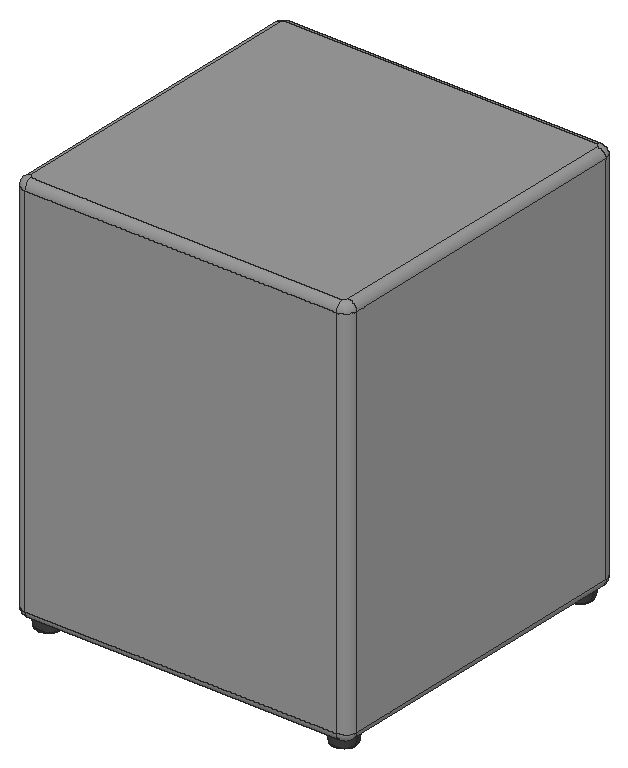
Revit family "BuroSeating_Konfurb Eightby4-A", category Furniture, Revit 2020
Family settings
  OmniClass Number = 23.40.70.14.64.11
  OmniClass Title = Office Furniture
  Work Plane-Based = No
  Always vertical = Yes
  Cut with Voids When Loaded = No
  Shared = No
  Room Calculation Point = No
Parameters (values of type "720mm")
  WarrantyDescription = "Full 5 year guarantee (excluding upholstery)"  # constant formula
  URL AU = "https://buroseating.com/"
  URL = "https://buroseating.co.nz/"
  SeatMaterial [instance] = BuroSeating_Fabric_Keylargo Ash
  ProductRange = "Konfurb"  # constant formula
  ProductPageURL NZ = "https://buroseating.co.nz/product/eightby4/"
  ProductPageURL AU = "https://buroseating.com/product/eightby4/"
  ProductGroup = "Eightby4\r\nKonfurb Eightby4"  # constant formula
  NominalWidth = 610 mm  # constant formula
  NominalLength = 610 mm  # constant formula
  NominalHeight = 720 mm
  Model = "KON390H-A"
  Manufacturer = "Buro Seating"  # constant formula
  Keynote = ""
  FeetMaterial = BuroSeating_Plastic_Black
  FeetDiameter = 50 mm  # constant formula
  Description = "Square"  # constant formula
  ContactEmail NZ = "seating@buroseating.com"
  ContactEmail AU = "seating@buroseating.com.au"
  BaseOffset = 18 mm  # constant formula
  FeetInset = 35 mm  # constant formula
  Default Elevation = 0 mm
  Assembly Code = "E2020"
Types (3, lengths in mm): name | NominalHeight | Model
  (no name) | 720 | "KON390H-A"
  450mm | 450 | "KON390A"
  720mm | 720 | "KON390H-A"
Reference planes
  plane 1 "Front": y = 0
  plane 2: z = 0
  plane 3 "Center (Left/Right)": x = 0
  plane 4 "Right": x = 610
  plane 5 "Back": y = 610
  plane 6 "Seat": z = 738
  plane 7 "Base": z = 18
  plane 8 "Back Inset": y = 575
  plane 9 "Front Inset": y = 35
  plane 10 "Right Inset": x = 575
  plane 11 "Left Inset": x = 35
Forms (mm)
  Extrusion 1, solid, material "BuroSeating_Fabric_Keylargo Ash" <- "SeatMaterial"
    sketch origin (305, 305, 0) x (1, 0, 0) y (0, 1, 0)
      loop
        arc (-285, 305) -> (-299.142, 299.142) -> (-305, 285) r 20
        line (-305, 285) -> (-305, -285)
        arc (-305, -285) -> (-299.142, -299.142) -> (-285, -305) r 20
        line (-285, -305) -> (285, -305)
        arc (285, -305) -> (299.142, -299.142) -> (305, -285) r 20
        line (305, -285) -> (305, 285)
        arc (305, 285) -> (299.142, 299.142) -> (285, 305) r 20
        line (285, 305) -> (-285, 305)
    from 18 to 738
  Sweep 2, void
    path in 3D
      loop
        arc (590, 0, 738) -> (604.142, 5.858, 738) -> (610, 20, 738) r 20
        line (610, 20, 738) -> (610, 590, 738)
        arc (610, 590, 738) -> (604.142, 604.142, 738) -> (590, 610, 738) r 20
        line (590, 610, 738) -> (20, 610, 738)
        arc (20, 610, 738) -> (5.858, 604.142, 738) -> (0, 590, 738) r 20
        line (0, 590, 738) -> (0, 20, 738)
        arc (0, 20, 738) -> (5.858, 5.858, 738) -> (20, 0, 738) r 20
        line (20, 0, 738) -> (590, 0, 738)
    profile origin (305, 0, 738) x (0, 1, 0) y (0, 0, 1)
      loop
        line (15, 0) -> (15, 5) -> (-5, 5) -> (-5, -15) -> (0, -15)
        arc (0, -15) -> (4.393, -4.393) -> (15, 0) r 15
  Sweep 3, void
    path in 3D
      loop
        arc (610, 20, 18) -> (604.142, 5.858, 18) -> (590, 0, 18) r 20
        line (590, 0, 18) -> (20, 0, 18)
        arc (20, 0, 18) -> (5.858, 5.858, 18) -> (0, 20, 18) r 20
        line (0, 20, 18) -> (0, 590, 18)
        arc (0, 590, 18) -> (5.858, 604.142, 18) -> (20, 610, 18) r 20
        line (20, 610, 18) -> (590, 610, 18)
        arc (590, 610, 18) -> (604.142, 604.142, 18) -> (610, 590, 18) r 20
        line (610, 590, 18) -> (610, 20, 18)
    profile origin (610, 305, 18) x (-1, 0, 0) y (0, 0, -1)
      loop
        line (15, 0) -> (15, 5) -> (-5, 5) -> (-5, -15) -> (0, -15)
        arc (0, -15) -> (4.393, -4.393) -> (15, 0) r 15
Cuts and joins
  Sweep 2, Sweep 3 cuts Extrusion 1
Lines and regions (mm)
  sketch lines
    curve 1: line (20, 0, 738) -> (590, 0, 738)
    curve 2: arc (610, 20, 738) -> (604.142, 5.858, 738) -> (590, 0, 738) r 20
    curve 3: line (610, 20, 738) -> (610, 590, 738)
    curve 4: arc (590, 610, 738) -> (604.142, 604.142, 738) -> (610, 590, 738) r 20
    curve 5: line (590, 610, 738) -> (20, 610, 738)
    curve 6: arc (0, 590, 738) -> (5.858, 604.142, 738) -> (20, 610, 738) r 20
    curve 7: arc (20, 0, 738) -> (5.858, 5.858, 738) -> (0, 20, 738) r 20
    curve 8: line (0, 590, 738) -> (0, 20, 738)
    curve 9: line (610, 590, 18) -> (610, 20, 18)
    curve 10: arc (590, 0, 18) -> (604.142, 5.858, 18) -> (610, 20, 18) r 20
    curve 11: line (590, 0, 18) -> (20, 0, 18)
    curve 12: arc (0, 20, 18) -> (5.858, 5.858, 18) -> (20, 0, 18) r 20
    curve 13: line (0, 20, 18) -> (0, 590, 18)
    curve 14: arc (20, 610, 18) -> (5.858, 604.142, 18) -> (0, 590, 18) r 20
    curve 15: line (20, 610, 18) -> (590, 610, 18)
    curve 16: arc (610, 590, 18) -> (604.142, 604.142, 18) -> (590, 610, 18) r 20
Dimensions and locks
  "NominalWidth": plane 1 "Front" to plane 5 "Back"
  "NominalLength": plane 3 "Center (Left/Right)" to plane 4 "Right"
  "NominalHeight": plane 6 "Seat" to plane 7 "Base"
  "BaseOffset": plane 7 "Base" to plane 2
  "FeetInset": plane 3 "Center (Left/Right)" to plane 11 "Left Inset"
  "FeetInset": plane 10 "Right Inset" to plane 4 "Right"
  "FeetInset": plane 8 "Back Inset" to plane 5 "Back"
  "FeetInset": plane 9 "Front Inset" to plane 1 "Front"
  aligned and locked: level to plane 2
  aligned and locked: Extrusion 1 to plane 6 "Seat"
  aligned and locked: Extrusion 1 to plane 7 "Base"
  aligned and locked: plane 11 "Left Inset" to nested 1
  aligned and locked: nested 1 to plane 8 "Back Inset"
  aligned and locked: plane 10 "Right Inset" to nested 2
  aligned and locked: plane 8 "Back Inset" to nested 2
  aligned and locked: nested 3 to plane 11 "Left Inset"
  aligned and locked: nested 3 to plane 9 "Front Inset"
  aligned and locked: plane 9 "Front Inset" to nested 4
  aligned and locked: nested 4 to plane 10 "Right Inset"
  aligned and locked: plane 7 "Base" to nested 2
  aligned and locked: nested 4 to plane 7 "Base"
  aligned and locked: nested 1 to plane 7 "Base"
  aligned and locked: plane 7 "Base" to nested 3
Automatic sketch dimensions
  plane 5 "Back" to Extrusion 1 sketch curve = 0 mm
  Extrusion 1 sketch curve to plane 4 "Right" = 0 mm
  Extrusion 1 sketch curve to Extrusion 1 sketch curve = 20 mm  (x2)
  Extrusion 1 sketch curve to plane 4 "Right" = 20 mm  (x2)
  Sweep 2 sketch curve to profile plane = 0 mm  (x2)
  profile plane to Sweep 2 sketch curve = 5 mm  (x2)
  Sweep 2 sketch curve to profile plane = 15 mm
  plane 1 "Front" to Extrusion 1 sketch curve = 0 mm
  Extrusion 1 sketch curve to plane 3 "Center (Left/Right)" = 0 mm
  profile plane to Sweep 3 sketch curve = 5 mm  (x2)
  Sweep 3 sketch curve to profile plane = 15 mm
  Sweep 3 sketch curve to profile plane = 0 mm  (x2)
Nested families
  nested 1: "x_BuroSeating_Konfurb_Feet_01" at (35, 575, 0.132), type "Type 1"
  nested 2: "x_BuroSeating_Konfurb_Feet_01" at (575, 575, 0.132) x (-1, 0, 0) z (0, 0, 1), type "Type 1"
  nested 3: "x_BuroSeating_Konfurb_Feet_01" at (35, 35, 0.132), type "Type 1"
  nested 4: "x_BuroSeating_Konfurb_Feet_01" at (575, 35, 0.132) x (-1, 0, 0) z (0, 0, 1), type "Type 1"
Definition of nested family "x_BuroSeating_Konfurb_Feet_01"
  Parameters (values of type "Type 1")
    calc_FeetRadiusTop = FeetDiameter / 2  # 25 mm
    calc_FeetRadiusBase = calc_FeetRadiusTop - 4 mm  # 21 mm
    FeetMaterial = none
    FeetHeight = 18 mm
    FeetDiameter = 50 mm
    Default Elevation = 0 mm
  Reference planes
    plane 1 "Center (Front/Back)": y = 0
    plane 2: z = 0
    plane 3 "Center (Left/Right)": x = 0
    plane 4 "Top": z = 17.868
  Forms (mm)
    Revolve 1, solid, material <- "FeetMaterial"
      sketch origin (0, 0, 17.868) x (1, 0, 0) y (0, 0, 1)
        loop
          line (0, 0) -> (0, -17.868) -> (21, -17.868)
          arc (21, -17.868) -> (21.888, -17.539) -> (22.346, -16.71) r 1.361
          line (22.346, -16.71) -> (25, 0) -> (0, 0)
        axis (0, 0) -> (0, -17.868)
      angle from 0 to 360
  Dimensions and locks
    "calc_FeetRadiusTop": Revolve 1 sketch curve to Revolve 1 sketch curve
    "calc_FeetRadiusBase": Revolve 1 sketch curve to Revolve 1 sketch curve
    plane 4 "Top" to level = 17.868 mm
    aligned and locked: plane 2 to level
  Automatic sketch dimensions
    Revolve 1 sketch curve to plane 3 "Center (Left/Right)" = 0 mm  (x2)
    Revolve 1 sketch curve to level = 0 mm
    Revolve 1 sketch curve to plane 4 "Top" = 0 mm
    level to Revolve 1 sketch curve = 1.158 mm
    Revolve 1 sketch curve to Revolve 1 sketch curve = 1.346 mm
    Revolve 1 sketch curve to level = 1.109 mm
    plane 4 "Top" to Revolve 1 sketch curve = 1.468 mm
